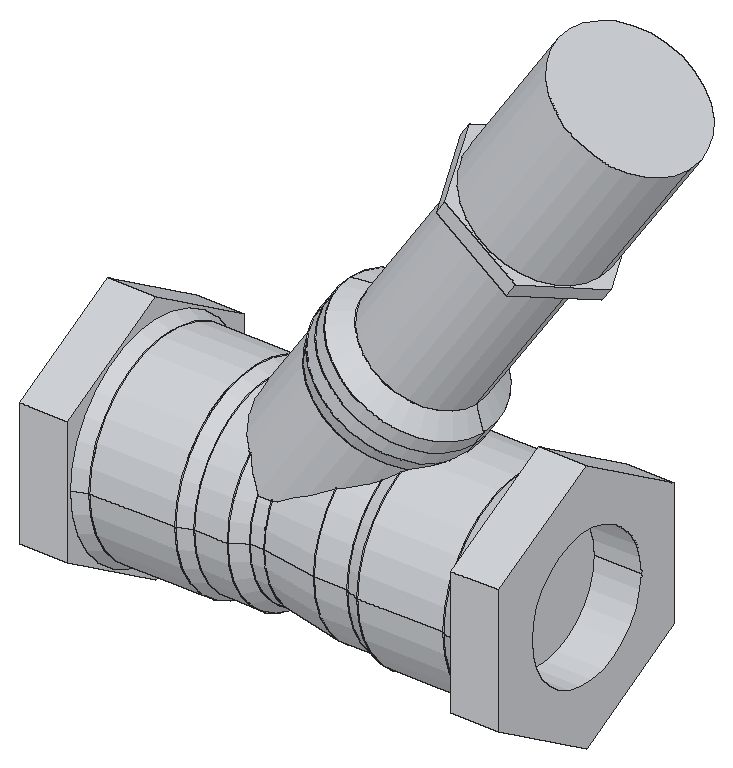
Revit family "DPRV_DN025_RFA_2019", category Pipe Accessories, Revit 2019
Family settings
  Round Connector Dimension = Use Diameter
  Part Type = Valve - Breaks Into
  Work Plane-Based = No
  Always vertical = Yes
  Cut with Voids When Loaded = No
  Shared = No
Parameters (values of type "DPRV-DN25")
  magiProductId = "8f5d2c47d0804d84a9ee1a0f7163ce"
  magiProductFamilyId = "2368235d042246b783f613dde97580"
  magiPartTypeId = 304
  isMeasuringValve [instance] = no
  ang2D [instance] = 0.00°
  Z1 = 28.345 mm
  Y6 = 19.55 mm
  Y5 = 17.4 mm
  Y3 = 18.4 mm
  Y15 = 13.311 mm
  Y14 = 15.66 mm
  Y12 = 11.31 mm
  Y11 = 14.79 mm
  Y10 = 13.92 mm
  Y0 = 15.66 mm
  XT0 = 8 mm
  X7 = 6.09 mm
  X6__ve = -X6  # -15.66 mm
  X6 = 15.66 mm
  X3 = 2.61 mm
  X1__ve = -X1  # -8.7 mm
  X1 = 8.7 mm
  X0 = 43.5 mm
  W2D = 15 mm
  VersionID = "2.0/2018.12.13.2/FRESE_DPRV_001"
  Use Minimum Symbol Size [instance] = no
  URL = "www.hydronix.cz"
  Type Comments = "závitový s vnitřním závitem; PN25; dpmax=600kPa; -20~+120°C"
  QmdConnectorList = "301;D;302;D"
  Productdata [instance] = ""
  Manufacturer = "Hydronix"
  MC Use Limits From Balancing Method = no
  MC Throttling Minimum Value = 0
  MC Throttling Maximum Value = 0
  MC Product Code = "48-0077; DN25 FF; nastavitelný rozsah 10-60kPa; kvs=8,3"
  MC Pressure Drop Minimum Value = 0.0 Pa
  MC Pressure Drop Maximum Value = 0.0 Pa
  MC Piping Given Pressure Drop [instance] = 0.0 Pa
  L3 = 23 mm
  L2D_Min = 30.48 mm
  L2D = 70 mm
  H6 = 33.345 mm
  H5 = 2.835 mm
  H2 = 23.621 mm
  Description = "Nastavitelný přepouštěcí ventil"
  DT2 = 12.5 mm
  D = 25 mm
  CenSd_Y14_6 = Y14 * cos(30.00°)  # 13.562 mm
  CenSd_L3_6 = L3 * cos(30.00°)  # 19.919 mm
  AA3 = 3.991 mm
  AA2 = 6.958 mm
Types (4, lengths in mm): name | magiProductId | Z1 | Y6 | Y5 | Y3 | Y15 | Y14 | Y12 | Y11 | Y10 | Y0 | X7 | X6__ve | X6 | X3 | X1__ve | X1 | X0 | MC Product Code | L3 | H6 | H5 | H2 | DT2 | D | CenSd_Y14_6 | CenSd_L3_6 | AA3 | AA2
  DPRV-DN15 | "0a1695ce379549c5bda4e9817c8a32" | 26.012 | 12.75 | 11 | 12 | 10.71 | 12.6 | 9.1 | 11.9 | 11.2 | 9.9 | 4.9 | -12.6 | 12.6 | 2.1 | -7 | 7 | 35 | "48-0075; DN15 FF; nastavitelný rozsah 10-60kPa; kvs=3,5" | 15 | 31.012 | 2.601 | 21.677 | 7.5 | 15 | 10.912 | 12.99 | 2.941 | 5.127
  DPRV-DN20 | "7bf90d6895024d90850a4e7c13d0c4" | 26.304 | 15.3 | 13.4 | 14.4 | 11.934 | 14.04 | 10.14 | 13.26 | 12.48 | 12.06 | 5.46 | -14.04 | 14.04 | 2.34 | -7.8 | 7.8 | 39 | "48-0076; DN20 FF; nastavitelný rozsah 10-60kPa; kvs=3,7" | 18 | 31.304 | 2.63 | 21.92 | 10 | 20 | 12.159 | 15.588 | 3.081 | 5.371
  DPRV-DN25 | "8f5d2c47d0804d84a9ee1a0f7163ce" | 28.345 | 19.55 | 17.4 | 18.4 | 13.311 | 15.66 | 11.31 | 14.79 | 13.92 | 15.66 | 6.09 | -15.66 | 15.66 | 2.61 | -8.7 | 8.7 | 43.5 | "48-0077; DN25 FF; nastavitelný rozsah 10-60kPa; kvs=8,3" | 23 | 33.345 | 2.835 | 23.621 | 12.5 | 25 | 13.562 | 19.919 | 3.991 | 6.958
  DPRV-DN32 | "4b273c145a0a4466be66f0b82dd13f" | 28.27 | 23.8 | 21.4 | 22.4 | 15.759 | 18.54 | 13.39 | 17.51 | 16.48 | 19.26 | 7.21 | -18.54 | 18.54 | 3.09 | -10.3 | 10.3 | 51.5 | "48-0078; DN32 FF; nastavitelný rozsah 10-60kPa; kvs=10,5" | 28 | 33.27 | 2.827 | 23.558 | 16 | 32 | 16.056 | 24.249 | 4.131 | 7.203
Reference planes
  plane 1 "Center (Front/Back)": y = 0
  plane 2 "XYPLANE": z = 0
  plane 3 "Center (Left/Right)": x = 0
  plane 4 "733": through (-616.653, 0, 426.913) normal (0.5736, 0, 0.8192)
  plane 5 "722": through (-614.364, 0, 430.182) normal (0.5736, 0, 0.8192)
  plane 6 "680": through (-594.312, 0, 458.819) normal (0.5736, 0, 0.8192)
  plane 7 "673": through (-573.561, 0, 488.455) normal (0.5736, 0, 0.8192)
  plane 8 "667": x = 7.83
  plane 9 "666": x = -2.61
  plane 10 "664": x = -5.22
  plane 11 "662": x = -7.83
  plane 12 "540": through (-597.564, 0, 454.175) normal (0.5736, 0, 0.8192)
  plane 13 "539": through (-575.187, 0, 486.134) normal (0.5736, 0, 0.8192)
  plane 14 "535": through (-595.938, 0, 456.497) normal (0.5736, 0, 0.8192)
  plane 15 "531": through (-599.19, 0, 451.853) normal (0.5736, 0, 0.8192)
  plane 16 "528": through (-600.816, 0, 449.531) normal (0.5736, 0, 0.8192)
  plane 17 "512": y = 0
  plane 18 "510": through (424.482, 0, 618.355) normal (0.8192, 0, -0.5736)
  plane 19 "369": x = 13.92
  plane 20 "367": x = 16.53
  plane 21 "366": x = 34.8
  plane 22 "365": x = 32.19
  plane 23 "354": x = -13.92
  plane 24 "54": x = -16.53
  plane 25 "49": x = -32.19
  plane 26 "18": x = -34.8
  plane 27 "8": x = 43.5
  plane 28 "7": x = -43.5
  plane 29 "3": z = 0
  plane 30 "2": y = 0
  plane 31 "507XY": through (-614.364, 0, 430.182) normal (0.5736, 0, 0.8192)
  plane 32 "507XZ": y = 0
  plane 33 "507YZ": through (430.182, 0, 614.364) normal (0.8192, 0, -0.5736)
Forms (mm)
  Extrusion 1, solid
    sketch origin (-573.561, 0, 488.455) x (0.819152, 0, -0.573576) y (0, 1, 0)
      loop
        circle (743.042, 0) r 13.311
    from 0 to 28.345 <- "Z1"
  Extrusion 2, solid
    sketch origin (-575.187, 0, 486.134) x (0.819152, 0, -0.573576) y (0, 1, 0)
      loop
        line (758.702, 0) -> (750.872, 13.562) -> (735.212, 13.562) -> (727.382, 0) -> (735.212, -13.562) -> (750.872, -13.562) -> (758.702, 0)
    from 0 to 2.835 <- "H5"
  Blend 3, solid
    base sketch origin (-595.938, 0, 456.497) x (0.819152, 0, -0.573576) y (0, 1, 0)
      loop
        circle (743.042, 0) r 14.79
    top sketch origin (-595.938, 0, 456.497) x (0.819152, 0, -0.573576) y (0, 1, 0)
      loop
        circle (743.042, 0) r 11.31
    from 0 to 2.835
  Blend 4, solid
    base sketch origin (-600.816, 0, 449.531) x (0.819152, 0, -0.573576) y (0, 1, 0)
      loop
        circle (743.042, 0) r 13.92
    top sketch origin (-600.816, 0, 449.531) x (0.819152, 0, -0.573576) y (0, 1, 0)
      loop
        circle (743.042, 0) r 14.79
    from 0 to 2.835
  Blend 5, solid
    base sketch origin (-2.61, -750, 0) x (0, 1, 0) y (0, 0, 1)
      loop
        circle (750, 0) r 15.66
    top sketch origin (-2.61, -750, 0) x (0, 1, 0) y (0, 0, 1)
      loop
        circle (750, 0) r 17.4
    from 0 to 10.44
  Extrusion 6, solid
    sketch origin (-5.22, -750, 0) x (0, 1, 0) y (0, 0, 1)
      loop
        circle (750, 0) r 15.66
    from 0 to 2.61 <- "X3"
  Blend 7, solid
    base sketch origin (-7.83, -750, 0) x (0, 1, 0) y (0, 0, 1)
      loop
        circle (750, 0) r 17.4
    top sketch origin (-7.83, -750, 0) x (0, 1, 0) y (0, 0, 1)
      loop
        circle (750, 0) r 15.66
    from 0 to 2.61
  Extrusion 8, solid
    sketch origin (7.83, -750, 0) x (0, 1, 0) y (0, 0, 1)
      loop
        circle (750, 0) r 17.4
    from 0 to 6.09 <- "X7"
  Blend 9, solid
    base sketch origin (-614.364, 0, 430.182) x (0.819152, 0, -0.573576) y (0, 1, 0)
      loop
        circle (743.042, 0) r 13.92
    top sketch origin (-614.364, 0, 430.182) x (0.819152, 0, -0.573576) y (0, 1, 0)
      loop
        circle (743.042, 0) r 8
    from 0 to -3.991
  Extrusion 10, solid
    sketch origin (-594.312, 0, 458.819) x (0.819152, 0, -0.573576) y (0, 1, 0)
      loop
        circle (743.042, 0) r 11.31
    from 0 to 33.345 <- "H6"
  Extrusion 11, solid
    sketch origin (-597.564, 0, 454.175) x (0.819152, 0, -0.573576) y (0, 1, 0)
      loop
        circle (743.042, 0) r 14.79
    from 0 to 2.835 <- "H5"
  Extrusion 12, solid
    sketch origin (-599.19, 0, 451.853) x (0.819152, 0, -0.573576) y (0, 1, 0)
      loop
        circle (743.042, 0) r 14.79
    from 0 to 2.835 <- "H5"
  Extrusion 13, solid
    sketch origin (-614.364, 0, 430.182) x (0.819152, 0, -0.573576) y (0, 1, 0)
      loop
        circle (743.042, 0) r 13.92
    from 0 to 23.621 <- "H2"
  Blend 14, solid
    base sketch origin (16.53, -750, 0) x (0, 1, 0) y (0, 0, 1)
      loop
        circle (750, 0) r 18.4
    top sketch origin (16.53, -750, 0) x (0, 1, 0) y (0, 0, 1)
      loop
        circle (750, 0) r 17.4
    from 0 to -2.61
  Extrusion 15, solid
    sketch origin (32.19, -750, 0) x (0, 1, 0) y (0, 0, 1)
      loop
        circle (750, 0) r 18.4
    from 0 to -15.66 <- "X6__ve"
  Extrusion 16, solid
    sketch origin (-13.92, -750, 0) x (0, 1, 0) y (0, 0, 1)
      loop
        circle (750, 0) r 17.4
    from 0 to 6.09 <- "X7"
  Extrusion 17, solid
    sketch origin (-32.19, -750, 0) x (0, 1, 0) y (0, 0, 1)
      loop
        circle (750, 0) r 18.4
    from 0 to 15.66 <- "X6"
  Blend 18, solid
    base sketch origin (-16.53, -750, 0) x (0, 1, 0) y (0, 0, 1)
      loop
        circle (750, 0) r 18.4
    top sketch origin (-16.53, -750, 0) x (0, 1, 0) y (0, 0, 1)
      loop
        circle (750, 0) r 17.4
    from 0 to 2.61
  Extrusion 19, solid
    sketch origin (-43.5, -750, 0) x (0, 1, 0) y (0, 0, 1)
      loop
        line (750, 23) -> (730.081, 11.5) -> (730.081, -11.5) -> (750, -23) -> (769.919, -11.5) -> (769.919, 11.5) -> (750, 23)
      loop
        circle (750, 0) r 12.5
    from 0 to 8.7 <- "X1"
  Blend 20, solid
    base sketch origin (34.8, -750, 0) x (0, 1, 0) y (0, 0, 1)
      loop
        circle (750, 0) r 19.55
    top sketch origin (34.8, -750, 0) x (0, 1, 0) y (0, 0, 1)
      loop
        circle (750, 0) r 18.4
    from 0 to -2.61
  Extrusion 21, solid
    sketch origin (43.5, -750, 0) x (0, 1, 0) y (0, 0, 1)
      loop
        line (750, 23) -> (730.081, 11.5) -> (730.081, -11.5) -> (750, -23) -> (769.919, -11.5) -> (769.919, 11.5) -> (750, 23)
      loop
        circle (750, 0) r 12.5
    from 0 to -8.7 <- "X1__ve"
  Blend 22, solid
    base sketch origin (-34.8, -750, 0) x (0, 1, 0) y (0, 0, 1)
      loop
        circle (750, 0) r 19.55
    top sketch origin (-34.8, -750, 0) x (0, 1, 0) y (0, 0, 1)
      loop
        circle (750, 0) r 18.4
    from 0 to 2.61
  Extrusion 23, solid, not visible
    sketch origin (43.5, -750, 0) x (0, 1, 0) y (0, 0, 1)
      loop
        circle (750, 0) r 10
    from 0 to -10
  Extrusion 24, solid, not visible
    sketch origin (-43.5, -750, 0) x (0, 1, 0) y (0, 0, 1)
      loop
        circle (750, 0) r 10
    from 0 to 10
Lines and regions (mm)
  reference lines, not visible
    curve 1: circle (2, 2, 0) r 1 normal (0, 0, 1)
  reference lines
    curve 2: line (33.477, 0, 59.942) -> (30.897, 5.456, 61.749)
    curve 3: line (33.477, 0, 59.942) -> (28.317, 0, 63.556)
    curve 4: line (33.477, 0, 59.942) -> (30.897, -5.456, 61.749)
    curve 5: line (-43.5, 0, 0) -> (-43.5, -6.495, -3.75)
    curve 6: line (-43.5, 0, 0) -> (-43.5, 0, -7.5)
    curve 7: line (-43.5, 0, 0) -> (-43.5, 6.495, -3.75)
    curve 8: line (43.5, 0, 0) -> (43.5, -6.495, -3.75)
    curve 9: line (43.5, 0, 0) -> (43.5, 0, -7.5)
    curve 10: line (43.5, 0, 0) -> (43.5, 6.495, -3.75)
Dimensions and locks
  plane 1 "Center (Front/Back)" to curve 1 = 2 mm
  "AA3": plane 31 "507XY" to plane 4 "733"
  locked: plane 31 "507XY" to plane 5 "722"
  "H5": plane 14 "535" to plane 6 "680"
  "H5": plane 13 "539" to plane 7 "673"
  "X7": plane 19 "369" to plane 8 "667"
  "X3": plane 10 "664" to plane 9 "666"
  "X3": plane 11 "662" to plane 10 "664"
  "X7": plane 23 "354" to plane 11 "662"
  "H5": plane 15 "531" to plane 12 "540"
  "H6": plane 6 "680" to plane 13 "539"
  "H5": plane 12 "540" to plane 14 "535"
  "H5": plane 16 "528" to plane 15 "531"
  "H2": plane 31 "507XY" to plane 16 "528"
  locked: plane 32 "507XZ" to plane 17 "512"
  "AA2": plane 33 "507YZ" to plane 18 "510"
  "X3": plane 20 "367" to plane 19 "369"
  "X6": plane 22 "365" to plane 20 "367"
  "X1": plane 27 "8" to plane 21 "366"
  "X3": plane 21 "366" to plane 22 "365"
  "X3": plane 24 "54" to plane 23 "354"
  "X6": plane 25 "49" to plane 24 "54"
  "X3": plane 26 "18" to plane 25 "49"
  "X1": plane 28 "7" to plane 26 "18"
  "X0": plane 3 "Center (Left/Right)" to plane 27 "8"
  "X0": plane 3 "Center (Left/Right)" to plane 28 "7"
  locked: plane 2 "XYPLANE" to plane 29 "3"
  locked: plane 1 "Center (Front/Back)" to plane 30 "2"
  "CenSd_Y14_6": curve 2 to Extrusion 2 sketch curve  (x2)
  "CenSd_Y14_6": curve 3 to Extrusion 2 sketch curve  (x2)
  "CenSd_Y14_6": curve 4 to Extrusion 2 sketch curve  (x2)
  Extrusion 2 sketch curve to Extrusion 2 sketch curve = 0 mm  (x12)
  "CenSd_L3_6": curve 5 to Extrusion 19 sketch curve  (x2)
  "CenSd_L3_6": curve 6 to Extrusion 19 sketch curve  (x2)
  "CenSd_L3_6": curve 7 to Extrusion 19 sketch curve  (x2)
  Extrusion 19 sketch curve to Extrusion 19 sketch curve = 0 mm  (x12)
  "CenSd_L3_6": curve 8 to Extrusion 21 sketch curve  (x2)
  "CenSd_L3_6": curve 9 to Extrusion 21 sketch curve  (x2)
  "CenSd_L3_6": curve 10 to Extrusion 21 sketch curve  (x2)
  Extrusion 21 sketch curve to Extrusion 21 sketch curve = 0 mm  (x12)
  "Y15": radius of Extrusion 1 sketch curve
  "Y12": radius of Blend 3 sketch curve
  "Y11": radius of Blend 3 sketch curve
  "Y11": radius of Blend 4 sketch curve
  "Y10": radius of Blend 4 sketch curve
  "Y5": radius of Blend 5 sketch curve
  "Y0": radius of Blend 5 sketch curve
  "Y0": radius of Extrusion 6 sketch curve
  "Y0": radius of Blend 7 sketch curve
  "Y5": radius of Blend 7 sketch curve
  "Y5": radius of Extrusion 8 sketch curve
  "XT0": radius of Blend 9 sketch curve
  "Y10": radius of Blend 9 sketch curve
  "Y12": radius of Extrusion 10 sketch curve
  "Y11": radius of Extrusion 11 sketch curve
  "Y11": radius of Extrusion 12 sketch curve
  "Y10": radius of Extrusion 13 sketch curve
  "Y5": radius of Blend 14 sketch curve
  "Y3": radius of Blend 14 sketch curve
  "Y3": radius of Extrusion 15 sketch curve
  "Y5": radius of Extrusion 16 sketch curve
  "Y3": radius of Extrusion 17 sketch curve
  "Y5": radius of Blend 18 sketch curve
  "Y3": radius of Blend 18 sketch curve
  "DT2": radius of Extrusion 19 sketch curve
  "Y3": radius of Blend 20 sketch curve
  "Y6": radius of Blend 20 sketch curve
  "DT2": radius of Extrusion 21 sketch curve
  "Y3": radius of Blend 22 sketch curve
  "Y6": radius of Blend 22 sketch curve
  locked: curve 3 to curve 2 (angle 60.00°)
  locked: curve 4 to curve 3 (angle 60.00°)
  locked: curve 4 to curve 2 (angle 120.00°)
  locked: curve 6 to curve 5 (angle 60.00°)
  locked: curve 7 to curve 6 (angle 60.00°)
  locked: curve 7 to curve 5 (angle 120.00°)
  locked: curve 9 to curve 8 (angle 60.00°)
  locked: curve 10 to curve 9 (angle 60.00°)
  locked: curve 10 to curve 8 (angle 120.00°)
  aligned and locked: level to plane 2 "XYPLANE"
  aligned and locked: plane 17 "512" to Extrusion 1 sketch curve
  aligned and locked: Extrusion 1 sketch curve to plane 18 "510"
  aligned and locked: curve 2 to plane 18 "510"
  aligned and locked: plane 17 "512" to curve 3
  aligned and locked: plane 17 "512" to Blend 3 sketch curve  (x2)
  aligned and locked: Blend 3 sketch curve to plane 18 "510"  (x2)
  aligned and locked: plane 6 "680" to Blend 3
  aligned and locked: plane 17 "512" to Blend 4 sketch curve  (x2)
  aligned and locked: Blend 4 sketch curve to plane 18 "510"  (x2)
  aligned and locked: plane 15 "531" to Blend 4
  aligned and locked: plane 29 "3" to Blend 5 sketch curve  (x2)
  aligned and locked: Blend 5 sketch curve to plane 30 "2"  (x2)
  aligned and locked: plane 8 "667" to Blend 5
  aligned and locked: plane 29 "3" to Extrusion 6 sketch curve
  aligned and locked: Extrusion 6 sketch curve to plane 30 "2"
  aligned and locked: plane 29 "3" to Blend 7 sketch curve  (x2)
  aligned and locked: Blend 7 sketch curve to plane 30 "2"  (x2)
  aligned and locked: plane 10 "664" to Blend 7
  aligned and locked: plane 29 "3" to Extrusion 8 sketch curve
  aligned and locked: Extrusion 8 sketch curve to plane 30 "2"
  aligned and locked: plane 17 "512" to Blend 9 sketch curve  (x2)
  aligned and locked: Blend 9 sketch curve to plane 18 "510"  (x2)
  aligned and locked: Blend 9 to plane 4 "733"
  aligned and locked: plane 17 "512" to Extrusion 10 sketch curve
  aligned and locked: Extrusion 10 sketch curve to plane 18 "510"
  aligned and locked: plane 17 "512" to Extrusion 11 sketch curve
  aligned and locked: Extrusion 11 sketch curve to plane 18 "510"
  aligned and locked: plane 17 "512" to Extrusion 12 sketch curve
  aligned and locked: Extrusion 12 sketch curve to plane 18 "510"
  aligned and locked: plane 17 "512" to Extrusion 13 sketch curve
  aligned and locked: Extrusion 13 sketch curve to plane 18 "510"
  aligned and locked: plane 29 "3" to Blend 14 sketch curve  (x2)
  aligned and locked: Blend 14 sketch curve to plane 30 "2"  (x2)
  aligned and locked: Blend 14 to plane 19 "369"
  aligned and locked: plane 29 "3" to Extrusion 15 sketch curve
  aligned and locked: Extrusion 15 sketch curve to plane 30 "2"
  aligned and locked: plane 29 "3" to Extrusion 16 sketch curve
  aligned and locked: Extrusion 16 sketch curve to plane 30 "2"
  aligned and locked: plane 29 "3" to Extrusion 17 sketch curve
  aligned and locked: Extrusion 17 sketch curve to plane 30 "2"
  aligned and locked: plane 29 "3" to Blend 18 sketch curve  (x2)
  aligned and locked: Blend 18 sketch curve to plane 30 "2"  (x2)
  aligned and locked: plane 23 "354" to Blend 18
  aligned and locked: plane 29 "3" to curve 7
  aligned and locked: curve 7 to plane 30 "2"
  aligned and locked: plane 29 "3" to Extrusion 19 sketch curve
  aligned and locked: Extrusion 19 sketch curve to plane 30 "2"
  aligned and locked: plane 29 "3" to Blend 20 sketch curve  (x2)
  aligned and locked: Blend 20 sketch curve to plane 30 "2"  (x2)
  aligned and locked: Blend 20 to plane 22 "365"
  aligned and locked: plane 29 "3" to curve 10
  aligned and locked: curve 10 to plane 30 "2"
  aligned and locked: plane 29 "3" to Extrusion 21 sketch curve
  aligned and locked: Extrusion 21 sketch curve to plane 30 "2"
  aligned and locked: plane 29 "3" to Blend 22 sketch curve  (x2)
  aligned and locked: Blend 22 sketch curve to plane 30 "2"  (x2)
  aligned and locked: plane 25 "49" to Blend 22
  aligned and locked: plane 29 "3" to Extrusion 23 sketch curve
  aligned and locked: Extrusion 23 sketch curve to plane 30 "2"
  aligned and locked: plane 29 "3" to Extrusion 24 sketch curve
  aligned and locked: Extrusion 24 sketch curve to plane 30 "2"
Automatic sketch dimensions
  plane 1 "Center (Front/Back)" to Extrusion 23 sketch curve = 10 mm
  plane 1 "Center (Front/Back)" to Extrusion 24 sketch curve = 10 mm
  plane 3 "Center (Left/Right)" to curve 1 = 2 mm
  radius of curve 1 = 1 mm
Connectors
  piping at (-43.5, 0, 0), diameter 25, driven by "D"
    settings: on Extrusion 24, index 1, connector inside diameter 609.6 mm, connector length 0 mm, flow factor 0, pipe flow 0.0 L/s, pressure drop 0.0 Pa, fitting loss kfactor 0, connector angle 0.00°, fixture units 0, engagement length 0 mm, angle of deflection 0.00°, flow configuration 0, flow direction 0, fitting loss method 0, system type 29, joint type 0, gender type 0, connector reference index 2, connector utility 0, adjustable connector no, is connector primary yes, connector description ""
  piping at (43.5, 0, 0), diameter 25, driven by "D"
    settings: on Extrusion 23, index 2, connector inside diameter 609.6 mm, connector length 0 mm, flow factor 0, pipe flow 0.0 L/s, pressure drop 0.0 Pa, fitting loss kfactor 0, connector angle 0.00°, fixture units 0, engagement length 0 mm, angle of deflection 0.00°, flow configuration 0, flow direction 0, fitting loss method 0, system type 29, joint type 0, gender type 0, connector reference index 1, connector utility 0, adjustable connector no, is connector primary no, connector description ""
